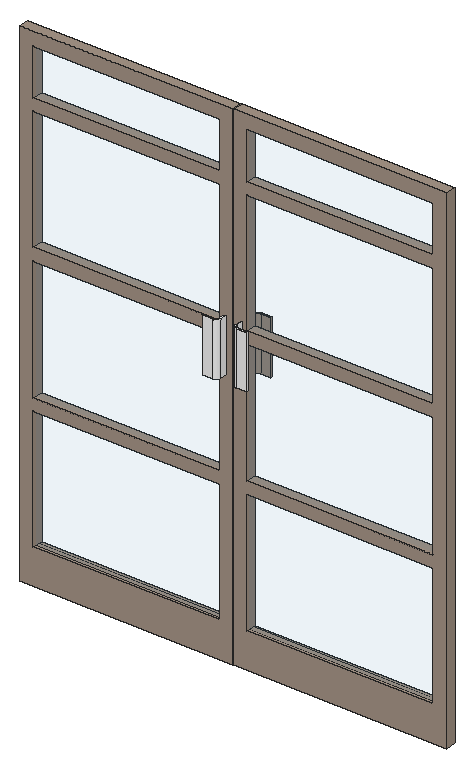
Revit family "DAL_A3-Double-Glass-Door-with-mullions", category Doors, Revit 2016
Family settings
  Always vertical = Yes
  Cut with Voids When Loaded = No
  Shared = No
  Room Calculation Point = No
Parameters (values of type "Store Front Double Door")
  Offset = 55 mm
  Material = Aluminium
  Glazing Material = Glass
  Function = Interior
  Construction Type = "TA04"
  Assembly Code = ""
Reference planes
  plane 1 "Center (Front/Back": y = 0
  plane 2: z = 0
  plane 3 "Center (Left/Right)": x = 82.523
  plane 4 "Left": x = -831.877
  plane 5 "Right": x = 996.923
  plane 6 "Top": z = 2133.6
  plane 7: y = 10.55
  plane 8: y = 55
  plane 9: z = 990.6
  plane 10: z = 762
Forms (mm)
  Extrusion 1, solid, material "Aluminium" <- "Material"
    sketch origin (0, 0, 0) x (1, 0, 0) y (0, 0, 1)
      loop
        line (996.923, 2133.6) -> (83.317, 2133.6) -> (83.317, 0) -> (996.923, 0) -> (996.923, 2133.6)
      loop
        line (-831.877, 2133.6) -> (-831.877, 0) -> (81.729, 0) -> (81.729, 2133.6) -> (-831.877, 2133.6)
      loop
        line (939.773, 2076.45) -> (140.467, 2076.45) -> (140.467, 1874.6) -> (939.773, 1874.6) -> (939.773, 2076.45)
      loop
        line (939.773, 150.15) -> (939.773, 674.6) -> (140.467, 674.6) -> (140.467, 150.15) -> (939.773, 150.15)
      loop
        line (24.579, 2076.45) -> (-774.727, 2076.45) -> (-774.727, 1874.6) -> (24.579, 1874.6) -> (24.579, 2076.45)
      loop
        line (24.579, 150.15) -> (24.579, 674.6) -> (-774.727, 674.6) -> (-774.727, 150.15) -> (24.579, 150.15)
      loop
        line (939.773, 1824.6) -> (140.467, 1824.6) -> (140.467, 1301.6) -> (939.773, 1301.6) -> (939.773, 1824.6)
      loop
        line (939.773, 1251.6) -> (140.467, 1251.6) -> (140.467, 724.6) -> (939.773, 724.6) -> (939.773, 1251.6)
      loop
        line (24.579, 1301.6) -> (24.579, 1824.6) -> (-774.727, 1824.6) -> (-774.727, 1301.6) -> (24.579, 1301.6)
      loop
        line (24.579, 1251.6) -> (-774.727, 1251.6) -> (-774.727, 724.6) -> (24.579, 724.6) -> (24.579, 1251.6)
    from -55 to -10.55
  Extrusion 2, solid, material "Glass" <- "Glazing Material"
    sketch origin (0, 0, 0) x (1, 0, 0) y (0, 0, 1)
      loop
        line (939.773, 2076.45) -> (140.467, 2076.45) -> (140.467, 150.15) -> (939.773, 150.15) -> (939.773, 2076.45)
      loop
        line (24.579, 2076.45) -> (-774.727, 2076.45) -> (-774.727, 150.15) -> (24.579, 150.15) -> (24.579, 2076.45)
    from -42.3 to -23.25
  Extrusion 3, solid, material "Aluminium" <- "Material"
    sketch origin (0, 0, 338) x (1, 0, 0) y (0, 1, 0)
      loop
        line (50.773, 55) -> (50.773, 80.4)
        arc (50.773, 80.4) -> (45.193, 93.87) -> (31.723, 99.45) r 19.05
        line (31.723, 99.45) -> (-12.727, 99.45) -> (-12.727, 93.1) -> (31.723, 93.1)
        arc (31.723, 93.1) -> (40.703, 89.38) -> (44.423, 80.4) r 12.7
        line (44.423, 80.4) -> (44.423, 55) -> (50.773, 55)
      loop
        line (114.273, 55) -> (120.623, 55) -> (120.623, 80.4)
        arc (120.623, 80.4) -> (124.343, 89.38) -> (133.323, 93.1) r 12.7
        line (133.323, 93.1) -> (177.773, 93.1) -> (177.773, 99.45) -> (133.323, 99.45)
        arc (133.323, 99.45) -> (119.853, 93.87) -> (114.273, 80.4) r 19.05
        line (114.273, 80.4) -> (114.273, 55)
    from 762 to 990.6
  Extrusion 4, solid, material "Metal - Aluminum"
    sketch origin (0, 0, 338) x (1, 0, 0) y (0, 1, 0)
      loop
        line (50.773, 10.55) -> (44.423, 10.55) -> (44.423, -14.85)
        arc (44.423, -14.85) -> (40.703, -23.83) -> (31.723, -27.55) r 12.7
        line (31.723, -27.55) -> (-12.727, -27.55) -> (-12.727, -33.9) -> (31.723, -33.9)
        arc (31.723, -33.9) -> (45.193, -28.32) -> (50.773, -14.85) r 19.05
        line (50.773, -14.85) -> (50.773, 10.55)
      loop
        line (114.273, 10.55) -> (114.273, -14.85)
        arc (114.273, -14.85) -> (119.853, -28.32) -> (133.323, -33.9) r 19.05
        line (133.323, -33.9) -> (177.773, -33.9) -> (177.773, -27.55) -> (133.323, -27.55)
        arc (133.323, -27.55) -> (124.343, -23.83) -> (120.623, -14.85) r 12.7
        line (120.623, -14.85) -> (120.623, 10.55) -> (114.273, 10.55)
    from 762 to 990.6
Lines and regions (mm)
  symbolic lines, style "DoorsPanelProjection"
    curve 1: line (-831.877, 10.55, 0) -> (-831.877, 921.775, 0)
    curve 2: line (996.923, 10.55, 0) -> (996.923, 928.125, 0)
    curve 9: line (952.923, 55, 0) -> (952.923, 928.125, 0)
    curve 10: line (-787.877, 55, 0) -> (-787.877, 921.775, 0)
    curve 11: line (-787.877, 921.775, 0) -> (-831.877, 921.775, 0)
    curve 12: line (952.923, 928.125, 0) -> (996.923, 928.125, 0)
    curve 13: line (-787.877, 55, 0) -> (-831.877, 55, 0)
    curve 14: line (952.923, 55, 0) -> (996.923, 55, 0)
    curve 15: line (952.923, 112, 0) -> (996.923, 112, 0)
    curve 16: line (952.923, 871.125, 0) -> (996.923, 871.125, 0)
    curve 17: line (-831.877, 112, 0) -> (-787.877, 112, 0)
    curve 18: line (-831.877, 871.125, 0) -> (-787.877, 871.125, 0)
    curve 19: line (-809.877, 871.125, 0) -> (-809.877, 112, 0)
    curve 20: line (974.923, 871.125, 0) -> (974.923, 112, 0)
  symbolic lines, style "Plan Swing"
    curve 3: arc (79.348, 10.55, 0) -> (348.1, 659.374, 0) -> (996.923, 928.125, 0) r 917.575
    curve 4: arc (79.348, 10.55, 0) -> (-187.544, 654.883, 0) -> (-831.877, 921.775, 0) r 911.225
  model lines, style "Elevation Swing"
    curve 5: line (996.923, 0, 0) -> (81.729, 0, 1066.8)
    curve 6: line (81.729, 0, 1066.8) -> (996.177, 0, 2133.6)
    curve 7: line (-831.877, 0, 2133.6) -> (82.942, 0, 1067.237)
    curve 8: line (82.942, 0, 1067.237) -> (-831.877, 0, 0)
Text (mm)
  text "Exterior" at (-1422.424, 797.241, 0), in view "Base Line"
Dimensions and locks
  equal spacing: plane 4 "Left", plane 3 "Center (Left/Right)", plane 5 "Right"
  locked: Extrusion 1 sketch curve to plane 5 "Right" at 57.15
  plane 2 to Extrusion 1 sketch curve = 150.15 mm  (x2)
  Extrusion 1 sketch curve to plane 6 "Top" = 57.15 mm  (x2)
  locked: plane 4 "Left" to Extrusion 1 sketch curve at 57.15
  locked: Extrusion 1 sketch curve to Extrusion 1 sketch curve at 57.15  (x2)
  locked: plane 2 to plane 9 at 990.6
  locked: plane 10 to plane 9 at 228.6
  Extrusion 1 sketch curve to plane 3 "Center (Left/Right)" to Extrusion 1 sketch curve = 0.794 mm locked, 0.794 mm locked
  "Offset": plane 1 "Center (Front/Back" to plane 8
  locked: plane 7 to plane 8 at 44.45
  locked: Extrusion 2 to plane 8 at 12.7
  locked: plane 7 to Extrusion 2 at 12.7
  plane 2 to plane 6 "Top" = 2133.6 mm  (x2)
  curve 11 to curve 4 to curve 18 = 0 mm locked, 50.65 mm locked
  curve 16 to curve 12 to curve 3 = 57 mm locked, 0 mm locked
  aligned and locked: Extrusion 1 to plane 8
  aligned and locked: plane 7 to Extrusion 1
  aligned: Extrusion 2 to Extrusion 1
  aligned: Extrusion 1 to Extrusion 2
Automatic sketch dimensions
  curve 1 to plane 4 "Left" = 0 mm
  curve 10 to plane 8 = 0 mm
  curve 3 to plane 7 = 0 mm
  curve 9 to plane 8 = 0 mm
  curve 2 to plane 5 "Right" = 0 mm
  curve 1 to plane 7 = 0 mm
  curve 2 to plane 7 = 0 mm
  curve 10 to plane 4 "Left" = 44 mm
  curve 3 to plane 3 "Center (Left/Right)" = 3.175 mm
  curve 4 to curve 3 = 0 mm
  plane 5 "Right" to curve 9 = 44 mm
  curve 10 to curve 1 = 0 mm
  curve 9 to curve 3 = 0 mm
  Extrusion 1 sketch curve to level = 0 mm  (x2)
  Extrusion 1 sketch curve to plane 4 "Left" = 0 mm
  Extrusion 1 sketch curve to plane 5 "Right" = 0 mm
  Extrusion 1 sketch curve to plane 6 "Top" = 0 mm  (x2)
  Extrusion 1 sketch curve to Extrusion 1 sketch curve = 0 mm  (x8)
  Extrusion 1 sketch curve to plane 4 "Left" = 57.15 mm
  Extrusion 1 sketch curve to plane 3 "Center (Left/Right)" = 57.944 mm
  plane 10 to Extrusion 1 sketch curve = 37.4 mm  (x2)
  plane 3 "Center (Left/Right)" to Extrusion 1 sketch curve = 57.944 mm
  plane 5 "Right" to Extrusion 1 sketch curve = 57.15 mm
  Extrusion 1 sketch curve to Extrusion 1 sketch curve = 50 mm  (x5)
  plane 10 to Extrusion 1 sketch curve = 87.4 mm
  Extrusion 1 sketch curve to plane 9 = 261 mm  (x2)
  Extrusion 1 sketch curve to Extrusion 1 sketch curve = 523 mm  (x2)
  Extrusion 2 sketch curve to plane 4 "Left" = 57.15 mm
  Extrusion 2 sketch curve to plane 3 "Center (Left/Right)" = 57.944 mm
  plane 3 "Center (Left/Right)" to Extrusion 2 sketch curve = 57.944 mm
  plane 5 "Right" to Extrusion 2 sketch curve = 57.15 mm
  level to Extrusion 2 sketch curve = 150.15 mm  (x2)
  plane 6 "Top" to Extrusion 2 sketch curve = 57.15 mm  (x2)
  curve 7 to plane 4 "Left" = 0 mm
  curve 8 to level = 0 mm
  curve 8 to plane 4 "Left" = 0 mm
  curve 6 to plane 6 "Top" = 0 mm
  curve 5 to level = 0 mm
  curve 5 to plane 5 "Right" = 0 mm
  curve 7 to plane 6 "Top" = 0 mm
  curve 6 to plane 3 "Center (Left/Right)" = 0.794 mm
  plane 3 "Center (Left/Right)" to curve 7 = 0.419 mm
  plane 5 "Right" to curve 6 = 0.746 mm
  curve 6 to plane 9 = 76.2 mm
  curve 5 to curve 7 = 0.437 mm
  curve 11 to plane 4 "Left" = 0 mm
  curve 17 to plane 4 "Left" = 0 mm
  curve 18 to plane 4 "Left" = 0 mm
  curve 13 to plane 4 "Left" = 0 mm
  curve 13 to plane 8 = 0 mm
  curve 14 to plane 8 = 0 mm
  curve 12 to plane 5 "Right" = 0 mm
  curve 14 to plane 5 "Right" = 0 mm
  curve 15 to plane 5 "Right" = 0 mm
  curve 16 to plane 5 "Right" = 0 mm
  curve 17 to curve 19 = 22 mm
  curve 13 to curve 13 = 44 mm
  curve 11 to curve 11 = 44 mm
  curve 19 to curve 18 = 22 mm
  curve 19 to curve 17 = 22 mm
  plane 5 "Right" to curve 14 = 44 mm
  plane 5 "Right" to curve 12 = 44 mm
  curve 16 to curve 16 = 44 mm
  plane 5 "Right" to curve 15 = 44 mm
  curve 16 to curve 20 = 22 mm
  curve 15 to plane 8 = 57 mm
  curve 19 to plane 8 = 57 mm
  Extrusion 3 sketch curve to Extrusion 3 sketch curve = 0 mm  (x4)
  Extrusion 3 sketch curve to plane 8 = 0 mm  (x2)
  Extrusion 3 sketch curve to plane 8 = 38.1 mm
  Extrusion 3 sketch curve to plane 3 "Center (Left/Right)" = 95.25 mm
  Extrusion 3 sketch curve to Extrusion 3 sketch curve = 44.45 mm  (x2)
  Extrusion 3 sketch curve to Extrusion 3 sketch curve = 12.7 mm  (x2)
  Extrusion 3 sketch curve to Extrusion 3 sketch curve = 6.35 mm  (x2)
  plane 3 "Center (Left/Right)" to Extrusion 3 sketch curve = 31.75 mm
  Extrusion 3 sketch curve to Extrusion 3 sketch curve = 25.4 mm
  Extrusion 4 sketch curve to Extrusion 4 sketch curve = 0 mm  (x4)
  Extrusion 4 sketch curve to plane 7 = 0 mm  (x2)
  plane 1 "Center (Front/Back" to Extrusion 4 sketch curve = 27.55 mm
  Extrusion 4 sketch curve to plane 3 "Center (Left/Right)" = 95.25 mm
  Extrusion 4 sketch curve to Extrusion 4 sketch curve = 44.45 mm  (x2)
  Extrusion 4 sketch curve to Extrusion 4 sketch curve = 12.7 mm  (x2)
  Extrusion 4 sketch curve to Extrusion 4 sketch curve = 6.35 mm  (x2)
  plane 3 "Center (Left/Right)" to Extrusion 4 sketch curve = 31.75 mm
  plane 1 "Center (Front/Back" to Extrusion 4 sketch curve = 33.9 mm
